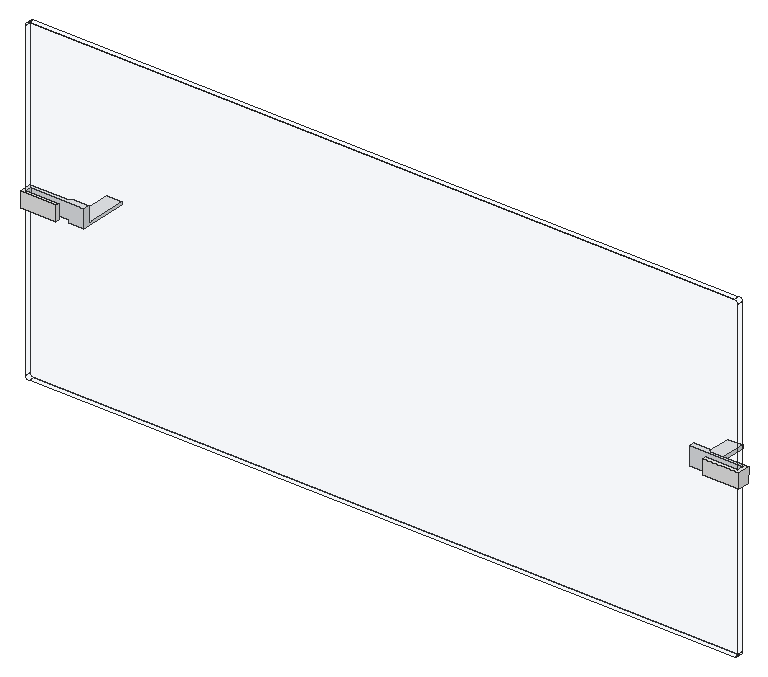
Revit family
Parameters (values of type "Back or End Screen")
  Worksurface Thickness = 1 3/16"  # constant formula
  Worksurface Height = 29"
  Width = 60"
  Warranty = "www.haworth.com/en-us/Products/Pages/Certifications.aspx"
  URL - Product = "www.haworth.com/en-us/Spaces/2011-NeoCon/New-Products/Pages/Belong-Accesories.aspx"
  URL = "www.haworth.com"
  Type Comments = ""
  Territory Screen = no
  Sustainability Info = "www.haworth.com/en-us/About-Us/Sustainability/Pages/Vision.aspx"
  Size = "Verify Final Dim. w/ Haworth"  # constant formula
  Screen Finish = Haworth - Glass - Clear
  Screen Depth = if(Full Modesty or Structural L Screen, 1 1/2", 1/2")  # 1/2"
  Revision Number = "1"  # constant formula
  Panel Bottom Offset = if(or(Territory Screen, Center Screen), 1/4", 0")  # 0"
  LEED Data = "http://www2.haworth.com/Promo/Reside-Beside-Belong/LEED-Reside.pdf"
  Full Modesty or Structural L Screen = no
  Custom Size = if(Back or End Screen, not(and(or(Width = 24", Width = 30", Width = 36", Width = 42", Width = 48", Width = 54", Width = 60"), or(Height = 19", Height = 27"))), if(Center Screen, not(and(or(Width = 24", Width = 30", Width = 36", Width = 42", Width = 48", Width = 54", Width = 60", Width = 66", Width = 72", Width = 78", Width = 84", Width = 90", Width = 96"), or(Height = 14"))), if(Full Modesty or Structural L Screen, not(and(or(Width = 24", Width = 30", Width = 36", Width = 42", Width = 48"), or(Height = 42", Height = 50"))), not(and(or(Width = 24"), or(Height = 12"))))))  # no
  Center Screen = no
  Bracket Finish = Haworth - Metal - Brushed Aluminum
  Back or End Screen = not(or(Center Screen, Territory Screen, Full Modesty or Structural L Screen))  # yes
  Actual Mounting Height = if(Territory Screen, Worksurface Height, if(and(Full Modesty or Structural L Screen, Worksurface Height < 30"), 30" - Worksurface Thickness, Worksurface Height - Worksurface Thickness))  # 27 13/16"
  Actual Bottom of Glass Height [instance] = if(and(Back or End Screen, Actual Height = 19"), Actual Mounting Height - 13", if(and(Back or End Screen, Actual Height = 27"), Actual Mounting Height - 13", if(Territory Screen, Actual Mounting Height, if(and(Full Modesty or Structural L Screen, Actual Height = 42"), Actual Mounting Height - 28", if(and(Full Modesty or Structural L Screen, Actual Height = 50"), Actual Mounting Height - 28", Actual Mounting Height)))))  # 14 13/16"
  Model = "Belong"
  Standard Widths = if(Center Screen, "24-96 in. @ 6 in. Increments", if(Territory Screen, "24 in.", if(Full Modesty or Structural L Screen, "24-48 in. @ 6 in. increments", "24-60 in. @ 6 in. increments")))  # "24-60 in. @ 6 in. increments"
  Standard Heights = if(Center Screen, "14 in.", if(Territory Screen, "12 in.", if(Full Modesty or Structural L Screen, "42 or 50 in.", "19 or 27 in.")))  # "19 or 27 in."
  Min. Width = 24"  # constant formula
  Middle Bracket = and(Center Screen, Width > 59")  # no
  Max. Width = if(Center Screen, 96", if(Territory Screen, 24", if(Full Modesty or Structural L Screen, 48", 60")))  # 60"
  Min. Height = if(Center Screen, 14", if(Territory Screen, 12", if(Full Modesty or Structural L Screen, 42", 19")))  # 19"
  Max. Height = if(Center Screen, 14", if(Territory Screen, 12", if(Full Modesty or Structural L Screen, 50", 27")))  # 27"
  Manufacturer = "Haworth"  # constant formula
  Height = 27"
  Description = "Belong Screen"  # constant formula
  Bracket Spacing = Actual Width - 10"  # 50"
  Bracket Offset = 3"  # constant formula
  Author = "SHAPE Environments, LLC"  # constant formula
  Assembly Code = "E2020200"
  Actual Width = if(Width > Max. Width, Max. Width, if(Width < Min. Width, Min. Width, Width))  # 60"
  Actual Height = if(Height > Max. Height, Max. Height, if(Height < Min. Height, Min. Height, Height))  # 27"
Types (4): name | Worksurface Height | Width | Territory Screen | Screen Depth | Panel Bottom Offset | Full Modesty or Structural L Screen | Center Screen | Back or End Screen | Actual Mounting Height | Actual Bottom of Glass Height | Standard Widths | Standard Heights | Middle Bracket | Max. Width | Min. Height | Max. Height | Height | Bracket Spacing | Actual Width | Actual Height
  Back or End Screen | 29" | 60" | no | 1/2" | 0" | no | no | yes | 27 13/16" | 14 13/16" | "24-60 in. @ 6 in. increments" | "19 or 27 in." | no | 60" | 19" | 27" | 27" | 50" | 60" | 27"
  Center Screen | 29" | 60" | no | 1/2" | 1/4" | no | yes | no | 27 13/16" | 27 13/16" | "24-96 in. @ 6 in. Increments" | "14 in." | yes | 96" | 14" | 14" | 14" | 50" | 60" | 14"
  Territory Screen | 29" | 24" | yes | 1/2" | 1/4" | no | no | no | 29" | 29" | "24 in." | "12 in." | no | 24" | 12" | 12" | 12" | 14" | 24" | 12"
  Full Modesty or Structural L Screen | 30" | 48" | no | 1 1/2" | 0" | yes | no | no | 28 13/16" | 13/16" | "24-48 in. @ 6 in. increments" | "42 or 50 in." | no | 48" | 42" | 50" | 42" | 38" | 48" | 42"
Reference planes (in)
  plane 1 "Center F/B": y = 0
  plane 2: z = 0
  plane 3 "Center L/R": x = -1.28601
  plane 4 "Screen Top": z = 41.8125
  plane 5 "Bottom": z = 14.8125
  plane 6 "Left": x = -31.28601
  plane 7 "Right": x = 28.71399
  plane 8 "Back": y = 0.25
  plane 9 "Table Height Bottom": z = 27.8125
  plane 10 "Front": y = -0.25
  plane 11 "Right Bracket": x = 25.71399
  plane 12 "Left Bracket": x = -28.28601
  plane 13 "Panel Bottom": z = 14.8125
Forms (in)
  Extrusion 1, solid, material "Haworth - Glass - Clear" <- "Screen Finish"
    sketch origin (0, 0, 24) x (1, 0, 0) y (0, 0, 1)
      loop
        arc (-30.97351, 17.8125) -> (-31.19448, 17.72097) -> (-31.28601, 17.5) r 0.3125
        line (-31.28601, 17.5) -> (-31.28601, -8.875)
        arc (-31.28601, -8.875) -> (-31.19448, -9.09597) -> (-30.97351, -9.1875) r 0.3125
        line (-30.97351, -9.1875) -> (28.40149, -9.1875)
        arc (28.40149, -9.1875) -> (28.62247, -9.09597) -> (28.71399, -8.875) r 0.3125
        line (28.71399, -8.875) -> (28.71399, 17.5)
        arc (28.71399, 17.5) -> (28.62247, 17.72097) -> (28.40149, 17.8125) r 0.3125
        line (28.40149, 17.8125) -> (-30.97351, 17.8125)
    from 0.25 to -0.25
  Extrusion 2, solid, material "Haworth - Metal - Brushed Aluminum" <- "Bracket Finish", visible <- "Back or End Screen"
    sketch origin (39.32445, -180, 27.8125) x (1, 0, 0) y (0, 1, 0)
      loop
        line (-15.11045, 180.25) -> (-10.61045, 180.25) -> (-10.61045, 179.75) -> (-13.36045, 179.75) -> (-13.36045, 179.5) -> (-10.36045, 179.5) -> (-10.36045, 180.5) -> (-13.61045, 180.5) -> (-13.86045, 180.75) -> (-15.11045, 180.75) -> (-15.11045, 180.25)
    from 0 to 1.25
  Extrusion 3, solid, material "Haworth - Metal - Brushed Aluminum" <- "Bracket Finish", visible <- "Back or End Screen"
    sketch origin (28.71399, 0, 0) x (0, 0, 1) y (0, 1, 0)
      loop
        line (27.8125, 0.25) -> (27.8125, 4.25) -> (27.5625, 4.25) -> (27.5625, 0.25) -> (27.8125, 0.25)
    from 3.25 to 4.5
  Extrusion 4, solid, material "Haworth - Metal - Brushed Aluminum" <- "Bracket Finish", visible <- "Back or End Screen"
    sketch origin (-39.32445, -180, 30) x (-1, 0, 0) y (0, -1, 0)
      loop
        line (-10.78844, -179.75) -> (-8.03844, -179.75) -> (-8.03844, -180.25) -> (-12.53844, -180.25) -> (-12.53844, -180.75) -> (-11.28844, -180.75) -> (-11.03844, -180.5) -> (-7.78844, -180.5) -> (-7.78844, -179.5) -> (-10.78844, -179.5) -> (-10.78844, -179.75)
    from -2.1875 to -0.9375
  Extrusion 5, solid, material "Haworth - Metal - Brushed Aluminum" <- "Bracket Finish", visible <- "Back or End Screen"
    sketch origin (-31.28601, 0, 0) x (0, 0, 1) y (0, -1, 0)
      loop
        line (27.8125, -0.25) -> (27.5625, -0.25) -> (27.5625, -4.25) -> (27.8125, -4.25) -> (27.8125, -0.25)
    from 3.25 to 4.5
  Extrusion 6, solid, material "Haworth - Metal - Brushed Aluminum" <- "Bracket Finish", visible <- "Center Screen"
    sketch origin (-1.28601, 0, 0.25) x (0, 1, 0) y (0, 0, 1)
      loop
        line (0.5, 16.8125) -> (0.25, 16.8125) -> (0.25, 14.8125) -> (-0.25, 14.8125) -> (-0.25, 16.8125) -> (-0.5, 16.8125) -> (-0.5, 14.5625) -> (-3.5, 14.5625) -> (-3.5, 14.3125) -> (3.5, 14.3125) -> (3.5, 14.5625) -> (0.5, 14.5625) -> (0.5, 16.8125)
    from 25.75 to 27
  Extrusion 7, solid, material "Haworth - Metal - Brushed Aluminum" <- "Bracket Finish", visible <- "Center Screen"
    sketch origin (-1.28601, 0, 0.25) x (0, 1, 0) y (0, 0, -1)
      loop
        line (0.5, -16.8125) -> (0.5, -14.5625) -> (3.5, -14.5625) -> (3.5, -14.3125) -> (-3.5, -14.3125) -> (-3.5, -14.5625) -> (-0.5, -14.5625) -> (-0.5, -16.8125) -> (-0.25, -16.8125) -> (-0.25, -14.8125) -> (0.25, -14.8125) -> (0.25, -16.8125) -> (0.5, -16.8125)
    from 25.75 to 27
  Extrusion 8, solid, material "Haworth - Metal - Brushed Aluminum" <- "Bracket Finish", visible <- "Middle Bracket"
    sketch origin (25.08899, 0, 0.25) x (0, 1, 0) y (0, 0, -1)
      loop
        line (0.5, -16.8125) -> (0.5, -14.5625) -> (3.5, -14.5625) -> (3.5, -14.3125) -> (-3.5, -14.3125) -> (-3.5, -14.5625) -> (-0.5, -14.5625) -> (-0.5, -16.8125) -> (-0.25, -16.8125) -> (-0.25, -14.8125) -> (0.25, -14.8125) -> (0.25, -16.8125) -> (0.5, -16.8125)
    from 25.75 to 27
  Extrusion 9, solid, material "Haworth - Metal - Brushed Aluminum" <- "Bracket Finish", visible <- "Full Modesty or Structural L Screen"
    sketch origin (-1.28601, 0, 0) x (0, 1, 0) y (0, 0, 1)
      loop
        line (4.25, 27.8125) -> (0.25, 27.8125) -> (0.25, 23.8125) -> (0.5, 23.8125) -> (0.5, 27.5625) -> (4.25, 27.5625) -> (4.25, 27.8125)
    from 25.75 to 27
  Extrusion 10, solid, material "Haworth - Metal - Brushed Aluminum" <- "Bracket Finish", visible <- "Full Modesty or Structural L Screen"
    sketch origin (-1.28601, 0, 0) x (0, 1, 0) y (0, 0, -1)
      loop
        line (4.25, -27.8125) -> (4.25, -27.5625) -> (0.5, -27.5625) -> (0.5, -23.8125) -> (0.25, -23.8125) -> (0.25, -27.8125) -> (4.25, -27.8125)
    from 25.75 to 27
  Extrusion 11, solid, material "Haworth - Metal - Brushed Aluminum" <- "Bracket Finish", visible <- "Territory Screen"
    sketch origin (-1.28601, 0, 0) x (0, 1, 0) y (0, 0, 1)
      loop
        line (-1.625, 15.75901) -> (-1.625, 14.8125) -> (1.625, 14.8125) -> (1.625, 15.75901) -> (0.25, 15.75901) -> (0.25, 15.0625) -> (-0.25, 15.0625) -> (-0.25, 15.75901) -> (-1.625, 15.75901)
    from -27 to 27
Cuts and joins
  joined: Extrusion 2, Extrusion 3
  joined: Extrusion 4, Extrusion 5
Lines and regions (in)
  Masking region 1
    outline origin (0, 0, 41.8125) x (-1, 0, 0) y (0, -1, 0)
      loop
        line (31.28601, -0.25) -> (31.28601, 0.25) -> (-28.71399, 0.25) -> (-28.71399, -0.25) -> (31.28601, -0.25)
  Masking region 2, visible <- "Territory Screen", detail levels fine
    outline origin (0, 0, 41.8125) x (-1, 0, 0) y (0, -1, 0)
      loop
        line (28.28601, -1.625) -> (28.28601, -0.25) -> (-25.71399, -0.25) -> (-25.71399, -1.625) -> (28.28601, -1.625)
      loop
        line (-25.71399, 0.25) -> (28.28601, 0.25) -> (28.28601, 1.625) -> (-25.71399, 1.625) -> (-25.71399, 0.25)
  Masking region 3, visible <- "Back or End Screen", detail levels fine
    outline origin (0, 0, 0) x (1, 0, 0) y (0, 1, 0)
      loop
        line (-28.53601, -0.25) -> (-31.28601, -0.25) -> (-31.28601, 0.25) -> (-26.78601, 0.25) -> (-26.78601, 4.25) -> (-28.03601, 4.25) -> (-28.03601, 0.75) -> (-28.28601, 0.5) -> (-31.53601, 0.5) -> (-31.53601, -0.5) -> (-28.53601, -0.5) -> (-28.53601, -0.25)
  Masking region 4, visible <- "Back or End Screen", detail levels fine
    outline origin (0, 0, 0) x (1, 0, 0) y (0, 1, 0)
      loop
        line (25.96399, -0.25) -> (25.96399, -0.5) -> (28.96399, -0.5) -> (28.96399, 0.5) -> (25.71399, 0.5) -> (25.46399, 0.75) -> (25.46399, 4.25) -> (24.21399, 4.25) -> (24.21399, 0.25) -> (28.71399, 0.25) -> (28.71399, -0.25) -> (25.96399, -0.25)
  Masking region 5, visible <- "Full Modesty or Structural L Screen", detail levels fine
    outline origin (0, 0, 0) x (1, 0, 0) y (0, 1, 0)
      loop
        line (-28.28601, 4.25) -> (-28.28601, 0.25) -> (-27.03601, 0.25) -> (-27.03601, 4.25) -> (-28.28601, 4.25)
  Masking region 6, visible <- "Full Modesty or Structural L Screen", detail levels fine
    outline origin (0, 0, 0) x (1, 0, 0) y (0, 1, 0)
      loop
        line (25.71399, 4.25) -> (24.46399, 4.25) -> (24.46399, 0.25) -> (25.71399, 0.25) -> (25.71399, 4.25)
  Masking region 7, visible <- "Center Screen", detail levels fine
    outline origin (0, 0, 0) x (1, 0, 0) y (0, 1, 0)
      loop
        line (-28.28601, 3.5) -> (-28.28601, 0.25) -> (-27.03601, 0.25) -> (-27.03601, 3.5) -> (-28.28601, 3.5)
      loop
        line (-28.28601, -0.25) -> (-28.28601, -3.5) -> (-27.03601, -3.5) -> (-27.03601, -0.25) -> (-28.28601, -0.25)
  Masking region 8, visible <- "Center Screen", detail levels fine
    outline origin (0, 0, 0) x (1, 0, 0) y (0, 1, 0)
      loop
        line (25.71399, 3.5) -> (24.46399, 3.5) -> (24.46399, 0.25) -> (25.71399, 0.25) -> (25.71399, 3.5)
      loop
        line (25.71399, -0.25) -> (24.46399, -0.25) -> (24.46399, -3.5) -> (25.71399, -3.5) -> (25.71399, -0.25)
  Masking region 9, visible <- "Middle Bracket", detail levels fine
    outline origin (0, 0, 0) x (1, 0, 0) y (0, 1, 0)
      loop
        line (-1.91101, 3.5) -> (-1.91101, 0.25) -> (-0.66101, 0.25) -> (-0.66101, 3.5) -> (-1.91101, 3.5)
      loop
        line (-1.91101, -0.25) -> (-1.91101, -3.5) -> (-0.66101, -3.5) -> (-0.66101, -0.25) -> (-1.91101, -0.25)
Dimensions and locks (in)
  "Actual Height": plane 4 "Screen Top" to plane 5 "Bottom"
  equal spacing: plane 7 "Right", plane 3 "Center L/R", plane 6 "Left"
  "Actual Width": plane 6 "Left" to plane 7 "Right"
  "Screen Depth": plane 8 "Back" to plane 10 "Front"
  equal spacing: plane 8 "Back", plane 1 "Center F/B", plane 10 "Front"
  Extrusion 2 sketch curve to Extrusion 2 sketch curve = 1/4"  (x2)
  Extrusion 3 sketch curve to Extrusion 3 sketch curve = 1/4"
  Extrusion 3 sketch curve to Extrusion 3 sketch curve = 4"
  Extrusion 4 sketch curve to Extrusion 4 sketch curve = 1/4"  (x2)
  "Actual Mounting Height": plane 9 "Table Height Bottom" to plane 2
  "Bracket Offset": plane 7 "Right" to plane 11 "Right Bracket"
  "Bracket Offset": plane 12 "Left Bracket" to plane 6 "Left"
  "Actual Bottom of Glass Height": plane 5 "Bottom" to plane 2
  locked: Extrusion 6 to Extrusion 6 at 1.25
  locked: Extrusion 7 to Extrusion 7 at 1.25
  locked: Extrusion 9 to Extrusion 9 at 1.25
  locked: Extrusion 10 to Extrusion 10 at 1.25
  locked: cut or joined group of Extrusion 2, Extrusion 3 to plane 9 "Table Height Bottom" at 1.25
  locked: cut or joined group of Extrusion 4, Extrusion 5 to plane 9 "Table Height Bottom" at 1.25
  "Panel Bottom Offset": plane 13 "Panel Bottom" to plane 5 "Bottom"
  aligned and locked: Extrusion 1 sketch curve to plane 4 "Screen Top"
  aligned and locked: plane 7 "Right" to Extrusion 1 sketch curve
  aligned and locked: plane 8 "Back" to Extrusion 1
  aligned and locked: Extrusion 1 to plane 10 "Front"
  aligned and locked: Masking region 1 sketch curve to Extrusion 1  (x2)
  aligned and locked: plane 10 "Front" to Masking region 1 sketch curve
  aligned and locked: plane 7 "Right" to Masking region 1 sketch curve
  aligned and locked: plane 7 "Right" to Extrusion 2 sketch curve
  aligned and locked: Extrusion 2 sketch curve to plane 8 "Back"
  aligned and locked: Extrusion 2 sketch curve to plane 10 "Front"
  aligned and locked: Extrusion 2 to plane 9 "Table Height Bottom"
  aligned and locked: plane 8 "Back" to Extrusion 3 sketch curve
  aligned and locked: Extrusion 3 sketch curve to plane 9 "Table Height Bottom"
  aligned and locked: Extrusion 3 to Extrusion 2
  aligned and locked: plane 6 "Left" to Extrusion 4 sketch curve
  aligned and locked: Extrusion 4 sketch curve to plane 8 "Back"
  aligned and locked: Extrusion 4 sketch curve to plane 10 "Front"
  aligned and locked: Extrusion 4 to plane 9 "Table Height Bottom"
  aligned and locked: plane 9 "Table Height Bottom" to Extrusion 5 sketch curve
  aligned and locked: Extrusion 5 sketch curve to plane 8 "Back"
  aligned and locked: Extrusion 5 to Extrusion 4
  aligned and locked: plane 5 "Bottom" to Extrusion 6  (x2)
  aligned: plane 11 "Right Bracket" to Extrusion 6
  aligned and locked: plane 11 "Right Bracket" to Extrusion 6
  aligned and locked: Extrusion 7 to plane 12 "Left Bracket"
  aligned and locked: plane 11 "Right Bracket" to Extrusion 9
  aligned and locked: Extrusion 10 to plane 12 "Left Bracket"
  aligned and locked: plane 11 "Right Bracket" to Extrusion 11
  aligned and locked: Extrusion 11 to plane 12 "Left Bracket"
  aligned and locked: Extrusion 11 to plane 5 "Bottom"
  aligned and locked: Extrusion 1 to plane 13 "Panel Bottom"
Automatic sketch dimensions
  Extrusion 1 sketch curve to plane 6 "Left" = 0"
  plane 5 "Bottom" to Extrusion 1 sketch curve = 0"
  plane 6 "Left" to Extrusion 1 sketch curve = 5/16"  (x2)
  plane 7 "Right" to Extrusion 1 sketch curve = 5/16"
  Extrusion 1 sketch curve to plane 4 "Screen Top" = 5/16"
  Extrusion 2 sketch curve to plane 11 "Right Bracket" = 0"
  Extrusion 2 sketch curve to plane 11 "Right Bracket" = 1/4"
  Extrusion 2 sketch curve to Extrusion 2 sketch curve = 1 1/4"
  plane 11 "Right Bracket" to Extrusion 2 sketch curve = 1/4"
  Extrusion 2 sketch curve to plane 7 "Right" = 1/4"
  Extrusion 2 sketch curve to Extrusion 2 sketch curve = 1/2"
  Extrusion 4 sketch curve to plane 12 "Left Bracket" = 0"
  plane 12 "Left Bracket" to Extrusion 4 sketch curve = 1/4"
  Extrusion 4 sketch curve to Extrusion 4 sketch curve = 1 1/4"
  Extrusion 4 sketch curve to plane 12 "Left Bracket" = 1/4"
  Extrusion 4 sketch curve to plane 6 "Left" = 1/4"
  plane 8 "Back" to Extrusion 4 sketch curve = 1/2"
  Extrusion 5 sketch curve to plane 9 "Table Height Bottom" = 1/4"
  plane 8 "Back" to Extrusion 5 sketch curve = 4"
  Extrusion 6 sketch curve to plane 5 "Bottom" = 0"  (x2)
  Extrusion 6 sketch curve to plane 10 "Front" = 0"
  Extrusion 6 sketch curve to plane 8 "Back" = 0"
  plane 10 "Front" to Extrusion 6 sketch curve = 1/4"
  Extrusion 6 sketch curve to plane 5 "Bottom" = 1/4"
  Extrusion 6 sketch curve to Extrusion 6 sketch curve = 3"  (x2)
  plane 8 "Back" to Extrusion 6 sketch curve = 1/4"
  plane 5 "Bottom" to Extrusion 6 sketch curve = 1/4"
  Extrusion 6 sketch curve to Extrusion 6 sketch curve = 2"
  Extrusion 6 sketch curve to Extrusion 6 sketch curve = 0"
  Extrusion 7 sketch curve to plane 5 "Bottom" = 0"  (x2)
  Extrusion 7 sketch curve to plane 10 "Front" = 0"
  Extrusion 7 sketch curve to plane 8 "Back" = 0"
  plane 10 "Front" to Extrusion 7 sketch curve = 1/4"
  Extrusion 7 sketch curve to plane 5 "Bottom" = 1/4"
  Extrusion 7 sketch curve to Extrusion 7 sketch curve = 3"  (x2)
  plane 8 "Back" to Extrusion 7 sketch curve = 1/4"
  plane 5 "Bottom" to Extrusion 7 sketch curve = 1/4"
  Extrusion 7 sketch curve to Extrusion 7 sketch curve = 2"
  Extrusion 7 sketch curve to Extrusion 7 sketch curve = 0"
  Extrusion 8 sketch curve to plane 5 "Bottom" = 0"  (x2)
  Extrusion 8 sketch curve to plane 10 "Front" = 0"
  Extrusion 8 sketch curve to plane 8 "Back" = 0"
  plane 10 "Front" to Extrusion 8 sketch curve = 1/4"
  Extrusion 8 sketch curve to plane 5 "Bottom" = 1/4"
  Extrusion 8 sketch curve to Extrusion 8 sketch curve = 3"  (x2)
  plane 8 "Back" to Extrusion 8 sketch curve = 1/4"
  plane 5 "Bottom" to Extrusion 8 sketch curve = 1/4"
  Extrusion 8 sketch curve to Extrusion 8 sketch curve = 2"
  Extrusion 8 sketch curve to Extrusion 8 sketch curve = 0"
  Extrusion 9 sketch curve to plane 8 "Back" = 0"
  Extrusion 9 sketch curve to plane 9 "Table Height Bottom" = 0"
  Extrusion 9 sketch curve to Extrusion 9 sketch curve = 1/4"  (x2)
  Extrusion 9 sketch curve to Extrusion 9 sketch curve = 3 3/4"  (x2)
  Extrusion 10 sketch curve to plane 8 "Back" = 0"
  Extrusion 10 sketch curve to plane 9 "Table Height Bottom" = 0"
  Extrusion 10 sketch curve to Extrusion 10 sketch curve = 1/4"  (x2)
  Extrusion 10 sketch curve to Extrusion 10 sketch curve = 3 3/4"  (x2)
  Extrusion 11 sketch curve to plane 5 "Bottom" = 0"
  Extrusion 11 sketch curve to plane 10 "Front" = 0"
  Extrusion 11 sketch curve to plane 8 "Back" = 0"
  plane 10 "Front" to Extrusion 11 sketch curve = 1 3/8"
  plane 8 "Back" to Extrusion 11 sketch curve = 1 3/8"
  plane 5 "Bottom" to Extrusion 11 sketch curve = 1/4"
  Extrusion 11 sketch curve to Extrusion 11 sketch curve = 0.69651"
  plane 5 "Bottom" to Extrusion 11 sketch curve = 0.94651"
  plane 10 "Front" to Masking region 2 sketch curve = 0"
  Masking region 2 sketch curve to plane 11 "Right Bracket" = 0"  (x2)
  Masking region 2 sketch curve to plane 12 "Left Bracket" = 0"  (x2)
  Masking region 2 sketch curve to plane 8 "Back" = 0"
  plane 8 "Back" to Masking region 2 sketch curve = 1 3/8"
  plane 10 "Front" to Masking region 2 sketch curve = 1 3/8"
  Masking region 3 sketch curve to plane 6 "Left" = 0"
  plane 10 "Front" to Masking region 3 sketch curve = 0"
  Masking region 3 sketch curve to plane 12 "Left Bracket" = 0"
  Masking region 3 sketch curve to plane 8 "Back" = 0"
  Masking region 3 sketch curve to plane 6 "Left" = 1/4"
  Masking region 3 sketch curve to plane 12 "Left Bracket" = 1/4"
  plane 12 "Left Bracket" to Masking region 3 sketch curve = 1/4"
  Masking region 3 sketch curve to Masking region 3 sketch curve = 1 1/4"
  plane 10 "Front" to Masking region 3 sketch curve = 1/4"
  plane 8 "Back" to Masking region 3 sketch curve = 1/4"
  Masking region 3 sketch curve to Masking region 3 sketch curve = 1/4"
  Masking region 3 sketch curve to Masking region 3 sketch curve = 3 1/2"
  Masking region 4 sketch curve to plane 8 "Back" = 0"
  Masking region 4 sketch curve to plane 11 "Right Bracket" = 0"
  plane 10 "Front" to Masking region 4 sketch curve = 0"
  Masking region 4 sketch curve to plane 7 "Right" = 0"
  Masking region 4 sketch curve to plane 11 "Right Bracket" = 1/4"
  Masking region 4 sketch curve to Masking region 4 sketch curve = 1 1/4"
  plane 11 "Right Bracket" to Masking region 4 sketch curve = 1/4"
  Masking region 4 sketch curve to plane 7 "Right" = 1/4"
  plane 10 "Front" to Masking region 4 sketch curve = 1/4"
  plane 8 "Back" to Masking region 4 sketch curve = 1/4"
  Masking region 4 sketch curve to Masking region 4 sketch curve = 1/4"
  Masking region 4 sketch curve to Masking region 4 sketch curve = 3 1/2"
  Masking region 5 sketch curve to plane 8 "Back" = 0"
  Masking region 5 sketch curve to plane 12 "Left Bracket" = 0"
  Masking region 5 sketch curve to Masking region 5 sketch curve = 1 1/4"
  Masking region 5 sketch curve to Masking region 5 sketch curve = 4"
  Masking region 6 sketch curve to plane 8 "Back" = 0"
  Masking region 6 sketch curve to plane 11 "Right Bracket" = 0"
  Masking region 6 sketch curve to Masking region 6 sketch curve = 1 1/4"
  Masking region 6 sketch curve to Masking region 6 sketch curve = 4"
  Masking region 7 sketch curve to plane 12 "Left Bracket" = 0"  (x2)
  plane 10 "Front" to Masking region 7 sketch curve = 0"
  Masking region 7 sketch curve to plane 8 "Back" = 0"
  Masking region 7 sketch curve to Masking region 7 sketch curve = 1 1/4"  (x2)
  plane 10 "Front" to Masking region 7 sketch curve = 3 1/4"
  Masking region 7 sketch curve to Masking region 7 sketch curve = 3 1/4"
  plane 10 "Front" to Masking region 8 sketch curve = 0"
  Masking region 8 sketch curve to plane 8 "Back" = 0"
  Masking region 8 sketch curve to plane 11 "Right Bracket" = 0"  (x2)
  Masking region 8 sketch curve to plane 11 "Right Bracket" = 1 1/4"
  Masking region 8 sketch curve to Masking region 8 sketch curve = 1 1/4"
  plane 10 "Front" to Masking region 8 sketch curve = 3 1/4"
  Masking region 8 sketch curve to Masking region 8 sketch curve = 3 1/4"
  Masking region 9 sketch curve to plane 8 "Back" = 0"
  plane 10 "Front" to Masking region 9 sketch curve = 0"
  Masking region 9 sketch curve to plane 3 "Center L/R" = 5/8"  (x2)
  plane 3 "Center L/R" to Masking region 9 sketch curve = 5/8"  (x2)
  plane 10 "Front" to Masking region 9 sketch curve = 3 1/4"
  Masking region 9 sketch curve to Masking region 9 sketch curve = 3 1/4"
